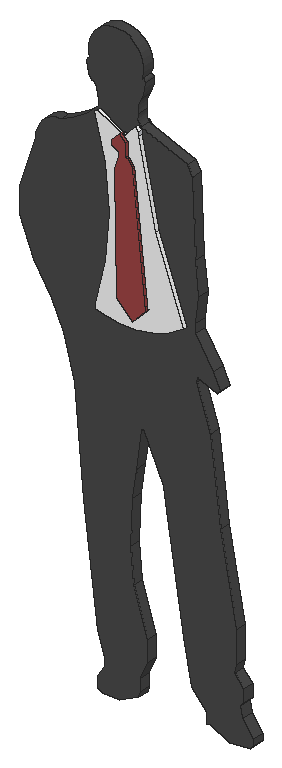
Revit family "Sillhouette Man Business man2", category Generic Models, Revit 2014
Parameters
  Tie = Red Dawn
  Suit = Black night
  Shirt = White Knight
Reference planes (in)
  plane 1 "Center (Front/Back)": y = 0
  plane 2: z = 0
  plane 3 "Center (Left/Right)": x = 0
  plane 4: z = 72
  plane 5: x = -2.40657
Forms (in)
  Extrusion 1, solid
    sketch origin (0, 0, 0) x (1, 0, 0) y (0, 0, 1)
      loop
        arc (-5.53157, 67.25388) -> (-5.78157, 67.15033) -> (-5.88512, 66.90033) r 0.35355
        arc (-5.88512, 66.90033) -> (-5.75347, 65.90033) -> (-5.36748, 64.96847) r 3.8637
        arc (-5.36748, 64.96847) -> (-4.94973, 64.79543) -> (-4.77669, 64.37768) r 0.5908
        arc (-4.77669, 64.37768) -> (-4.51021, 63.46139) -> (-4.47388, 62.50783) r 3.90571
        arc (-4.47388, 62.50783) -> (-6.59586, 60.72618) -> (-9.08657, 59.51231) r 11.33985
        arc (-9.08657, 59.51231) -> (-11.20565, 58.59849) -> (-11.9956, 56.43019) r 2.91389
        line (-11.9956, 56.43019) -> (-13.8765, 50.64139) -> (-13.8765, 47.64139) -> (-12.26384, 43.44028) -> (-10.14416, 40.04809) -> (-8.665, 36.87601) -> (-7.3709, 32.04638) -> (-6.30325, 19.84299) -> (-4.65801, 6.44362) -> (-3.79765, 3.79569) -> (-3.79765, 2.79569) -> (-4.65801, 1.56696) -> (-4.65801, 0.31696) -> (-3.97828, 0) -> (-1.97828, 0) -> (0.28749, 1.05655) -> (0.45449, 1.67981) -> (0.45449, 3.17981) -> (1.31608, 5.02749) -> (1.31608, 7.52749) -> (-0.38351, 12.7583) -> (-0.73652, 16.79316) -> (-0.46176, 22.03596) -> (0, 25.25299) -> (0.63327, 29.66497) -> (0.81005, 29.84174) -> (3.2401, 24.63047) -> (3.51386, 22.90202) -> (5.66484, 9.3213) -> (6.61888, 4.41317) -> (8.38655, 2.30655) -> (8.38655, 1.55655) -> (8.38655, 1.05655) -> (8.88655, 1.05655) -> (11.15232, 0) -> (13.62436, 0.25982) -> (13.97791, 0.61338) -> (13.97791, 1.36338) -> (12.68736, 3.20647) -> (12.44885, 4.4335) -> (12.8024, 4.78705) -> (12.8024, 6.28705) -> (11.67753, 7.62763) -> (11.93635, 8.59356) -> (11.93635, 12.34356) -> (9.98055, 22.40524) -> (8.79233, 32.08256) -> (7.16999, 37.07561) -> (7.3245, 37.55114) -> (9.70214, 36.77859) -> (10.05569, 37.13215) -> (9.21045, 38.94476) -> (7.09078, 42.33696) -> (7.09078, 43.33696) -> (7.45639, 46.31459) -> (6.99938, 50.03664) -> (6.694, 58.78131) -> (6.069, 59.86384)
        arc (6.069, 59.86384) -> (3.21217, 60.79281) -> (0.46752, 62.01405) r 28.82538
        arc (0.46752, 62.01405) -> (0.20351, 62.60214) -> (0.25046, 63.24506) r 1.31603
        arc (0.25046, 63.24506) -> (0.25046, 64.13356) -> (0.55435, 64.96847) r 2.55833
        arc (0.55435, 64.96847) -> (0.94033, 65.90033) -> (1.07198, 66.90033) r 3.8637
        arc (1.07198, 66.90033) -> (0.96843, 67.15033) -> (0.71843, 67.25388) r 0.35355
        arc (0.71843, 67.25388) -> (-2.40657, 71.60212) -> (-5.53157, 67.25388) r 3.29706
    from 0 to 1.25
  Extrusion 2, solid
    sketch origin (0, 0, 0) x (1, 0, 0) y (0, 0, 1)
      loop
        arc (-4.64447, 62.0268) -> (-2.91272, 51.74673) -> (-4.62249, 41.46297) r 31.57866
        line (-4.62249, 41.46297) -> (-4.62249, 40.96297) -> (-3.89805, 40.76886)
        arc (-3.89805, 40.76886) -> (1.21847, 40.54547) -> (5.95003, 42.50534) r 11.83101
        arc (5.95003, 42.50534) -> (4.04641, 47.00035) -> (2.61533, 51.66734) r 47.38539
        arc (2.61533, 51.66734) -> (1.51458, 56.41728) -> (0.58819, 61.20428) r 133.35694
        line (0.58819, 61.20428) -> (0.58819, 61.70428) -> (0.23464, 62.05784) -> (-1.0028, 60.8204) -> (-1.7528, 60.8204) -> (-4.35087, 62.3204) -> (-4.64447, 62.0268)
    from -0.25403 to 1.63088
  Extrusion 3, solid
    sketch origin (0, 0, 0) x (1, 0, 0) y (0, 0, 1)
      loop
        line (-1.46031, 60.82026) -> (-2.44377, 59.8368) -> (-2.44377, 59.3368) -> (-1.57775, 58.8368) -> (-1.57775, 58.3368) -> (-2.09078, 56.92726) -> (-1.85081, 43.17936) -> (0, 41.32855) -> (1.59099, 42.91954) -> (0, 57.61437) -> (-0.57358, 58.43352) -> (-0.75035, 58.6103) -> (-0.75035, 60.1103) -> (-1.46031, 60.82026)
    from -0.50535 to 1.8822
Dimensions and locks (in)
  aligned and locked: plane 2 to level
